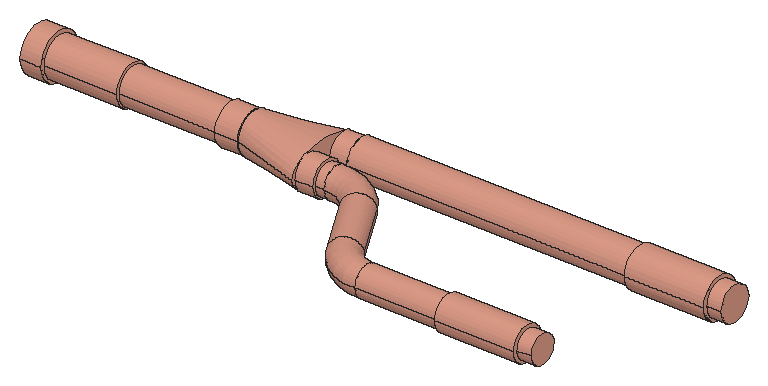
Revit family "outputfile", category 配管付属品, Revit 2024
Family settings
  丸型コネクタ寸法 = 半径を使用
  パーツ タイプ = 標準
  OmniClass 番号 = 23.65.55.00
  OmniClass タイトル = Distribution of Supplied Liquids/Gases
  作業面ベース = いいえ
  常に垂直 = はい
  ロード時にボイドで切り取り = いいえ
  共有 = いいえ
Parameters (values of type "BHRP25A33T")
  Description = ""
  製造元 = "Daikin"
  書き出し IFC クラス(タイプ) = "IfcPipeFittingType"
  定義済み IFC タイプ(タイプ) = "JUNCTION"
  Cost = 0
  Type Comments = ""
  Keynote = ""
  Type Image = (empty or 0)
  Assembly Code = ""
  mm⇔inch [instance] = yes
  l_dividePipe1 [instance] = size_lookup(table_StraightPipe, "l_dividePipe1", 10.0 mm, モデル)  # 10.0 mm
  Default Elevation = 0.0 mm
  モデル = "BHRP25A33T"
  table_StraightPipe [instance] = if(mm⇔inch, "Refnet Joint_BHRP25A-T_Gas_StraightPipe", "Refnet Joint_BHRP25A-T_Gas_StraightPipe_inch")  # "Refnet Joint_BHRP25A-T_Gas_StraightPipe"
  table_BranchPipe [instance] = if(mm⇔inch, "Refnet Joint_BHRP25A-T_Gas_BranchPipe", "Refnet Joint_BHRP25A-T_Gas_BranchPipe_inch")  # "Refnet Joint_BHRP25A-T_Gas_BranchPipe"
  table_Inlet [instance] = if(mm⇔inch, "Refnet Joint_BHRP25A-T_Gas_Inlet", "Refnet Joint_BHRP25A-T_Gas_Inlet_inch")  # "Refnet Joint_BHRP25A-T_Gas_Inlet"
  switch_StraightPipe_Reducer [instance] = if(Is_StraightPipe Reducer = 1, 1 = 1, 1 = 0)  # no
  switch_StraightPipe3 [instance] = if(number_StraightPipe = 3, 1 = 1, 1 = 0)  # no
  switch_StraightPipe2 [instance] = if(number_StraightPipe < 2, 1 = 0, 1 = 1)  # yes
  switch_BranchPipe_Reducer [instance] = if(Is_BranchPipe Reducer = 1, 1 = 1, 1 = 0)  # no
  switch_BranchPipe3 [instance] = if(number_BranchPipe = 3, 1 = 1, 1 = 0)  # no
  switch_BranchPipe2 [instance] = if(number_BranchPipe < 2, 1 = 0, 1 = 1)  # yes
  switch_Inlet pipe_Reducer [instance] = if(Is_Inlet Reducer = 1, 1 = 1, 1 = 0)  # no
  switch_Inlet pipe3 [instance] = if(number_InletPipe = 3, 1 = 1, 1 = 0)  # no
  switch_Inlet pipe2 [instance] = if(number_InletPipe < 2, 1 = 0, 1 = 1)  # yes
  Uniclass2015Version = "Products v1.31"
  Uniclass2015Title = "Copper pipe fittings"
  Uniclass2015Code = "Pr_65_52_63_18"
  URL = ""
  StraightPipe_Gas_ActualDiameter [instance] = 15.9 mm
  Material_Piping = DAIKIN_Copper_Pipe
  Material_Insulation = DAIKIN_White_Insulation
  lw_Insulation [instance] = size_lookup(table_Inlet, "lw_Insulation", 57.8 mm, モデル)  # 57.6 mm
  Unit Type = "BHRP25A-T_Gas"
  Tag No. [instance] = ""
  StraightPipe_Gas_Status [instance] = size_lookup(table_StraightPipe, "Information", "The connected pipe size is not available.", モデル, StraightPipe_Gas_ActualDiameter)  # "Default connector size is used."
  Link_Nested Family [instance] = ""
  Inlet_Gas_Actual Diameter [instance] = 22.2 mm
  IfcVersion = ""
  IfcExportType = "JUNCTION"
  IfcExportAs = "IfcPipeFittingType"
  BranchPipe_Gas_Status [instance] = size_lookup(table_BranchPipe, "Information", "The connected pipe size is not available.", モデル, BranchPipe_Gas_ActualDiameter)  # "Default connector size is used."
  Inlet_Gas_Status [instance] = size_lookup(table_Inlet, "Information", "The connected pipe size is not available.", モデル, Inlet_Gas_Actual Diameter)  # "Default connector size is used."
  Series = "Refnet Joint"
  O.R_dividePipe_Inlet [instance] = (I.D_InletPipe1 + 2.0 mm) / 2  # 10.55 mm
  r_StraightPipe_Connector [instance] = StraightPipe_Gas_ActualDiameter / 2  # 7.95 mm
  r_BranchPipe_Connector [instance] = BranchPipe_Gas_ActualDiameter / 2  # 6.35 mm
  r_Inlet_Connector [instance] = Inlet_Gas_Actual Diameter / 2  # 11.1 mm
  number_StraightPipe [instance] = size_lookup(table_StraightPipe, "pipeNumber", 2, モデル, StraightPipe_Gas_ActualDiameter)  # 2
  number_BranchPipe [instance] = size_lookup(table_BranchPipe, "pipeNumber", 2, モデル, BranchPipe_Gas_ActualDiameter)  # 2
  number_InletPipe [instance] = size_lookup(table_Inlet, "pipeNumber", 3, モデル, Inlet_Gas_Actual Diameter)  # 2
  r_BranchPipeR [instance] = size_lookup(table_BranchPipe, "r_offsetPipeR", 25.0 mm, モデル, BranchPipe_Gas_ActualDiameter)  # 25.0 mm
  l_BranchPipe_Straight2 [instance] = size_lookup(table_BranchPipe, "L_offsetPipe2", 43.0 mm, モデル)  # 43.0 mm
  l_BranchPipe_Straight1 [instance] = size_lookup(table_BranchPipe, "L_offsetPipe1", 5.0 mm, モデル)  # 5.0 mm
  l_BranchPipe connector [instance] = size_lookup(table_BranchPipe, "Length", 170.0 mm, モデル, BranchPipe_Gas_ActualDiameter)  # 170.0 mm
  l_inlet connector [instance] = size_lookup(table_Inlet, "Length", 130.0 mm, モデル, Inlet_Gas_Actual Diameter)  # 114.0 mm
  l_dividePipe [instance] = size_lookup(table_Inlet, "L_devidePipe", 38.0 mm, モデル)  # 38.0 mm
  l_StraightPipeReducer [instance] = size_lookup(table_StraightPipe, "L_Reducer", 80.0 mm, モデル, StraightPipe_Gas_ActualDiameter)  # 100.0 mm
  l_StraightPipe3 [instance] = size_lookup(table_StraightPipe, "L_Pipe3", 2.0 mm, モデル)  # 2.0 mm
  l_StraightPipe2 [instance] = size_lookup(table_StraightPipe, "L_Pipe2", 8.0 mm, モデル)  # 8.0 mm
  l_StraightPipe1 [instance] = size_lookup(table_StraightPipe, "L_Pipe1", 42.0 mm, モデル)  # 42.0 mm
  l_StraightPipe0 [instance] = size_lookup(table_StraightPipe, "L_Pipe0", 152.0 mm, モデル)  # 148.0 mm
  l_StraightPipe connector [instance] = size_lookup(table_StraightPipe, "Length", 212.0 mm, モデル, StraightPipe_Gas_ActualDiameter)  # 208.0 mm
  l_BranchPipe Reducer [instance] = size_lookup(table_BranchPipe, "L_Reducer", 80.0 mm, モデル, BranchPipe_Gas_ActualDiameter)  # 80.0 mm
  l_BranchPipe3 [instance] = size_lookup(table_BranchPipe, "L_Pipe3", 2.0 mm, モデル)  # 2.0 mm
  l_BranchPipe2 [instance] = size_lookup(table_BranchPipe, "L_Pipe2", 8.0 mm, モデル)  # 8.0 mm
  l_BranchPipe1 [instance] = size_lookup(table_BranchPipe, "L_Pipe1", 42.0 mm, モデル)  # 42.0 mm
  l_BranchPipe0 [instance] = size_lookup(table_BranchPipe, "L_Pipe0", 110.0 mm, モデル)  # 110.0 mm
  l_InletReducer [instance] = size_lookup(table_Inlet, "L_Reducer", 100.0 mm, モデル, Inlet_Gas_Actual Diameter)  # 100.0 mm
  l_InletPipe3 [instance] = size_lookup(table_Inlet, "L_Pipe3", 8.0 mm, モデル)  # 2.0 mm
  l_InletPipe2 [instance] = size_lookup(table_Inlet, "L_Pipe2", 42.0 mm, モデル)  # 11.0 mm
  l_InletPipe1 [instance] = size_lookup(table_Inlet, "L_Pipe1", 40.0 mm, モデル)  # 39.0 mm
  l_InletPipe0 [instance] = size_lookup(table_Inlet, "L_Pipe0", 28.0 mm, モデル)  # 52.0 mm
  center_StraightPipe [instance] = size_lookup(table_StraightPipe, "center_Pipe", 11.5 mm, モデル)  # 11.5 mm
  center_BranchPipe2 [instance] = size_lookup(table_BranchPipe, "center_OffsetPipe", 68.5 mm, モデル)  # 68.5 mm
  center_BranchPipe1 [instance] = size_lookup(table_BranchPipe, "center_Pipe", 11.5 mm, モデル)  # 11.5 mm
  StraightPipe_Gas_AvailableDiameter [instance] = size_lookup(table_StraightPipe, "sizeVariation", "", モデル)  # "15.9/19.1/22.2mm"
  BranchPipe_Gas_AvailableDiameter [instance] = size_lookup(table_BranchPipe, "sizeVariation", "", モデル)  # "12.7/15.9/19.1mm"
  Inlet_Gas_Available Diameter [instance] = size_lookup(table_Inlet, "sizeVariation", "", モデル)  # "19.1/22.2mm"
  O.D_StraightPipe Reducer [instance] = size_lookup(table_StraightPipe, "O.D_reducer", 2.0 mm, モデル, StraightPipe_Gas_ActualDiameter)  # 2.0 mm
  O.D_Offset Outlet Reducer [instance] = size_lookup(table_BranchPipe, "O.D_reducer", 2.0 mm, モデル, BranchPipe_Gas_ActualDiameter)  # 2.0 mm
  O.D_Inlet Reducer [instance] = size_lookup(table_Inlet, "O.D_reducer", 2.0 mm, モデル, Inlet_Gas_Actual Diameter)  # 2.0 mm
  Is_StraightPipe Reducer [instance] = size_lookup(table_StraightPipe, "IsReducer", 0, モデル, StraightPipe_Gas_ActualDiameter)  # 0
  Is_BranchPipe Reducer [instance] = size_lookup(table_BranchPipe, "IsReducer", 0, モデル, BranchPipe_Gas_ActualDiameter)  # 0
  Is_Inlet Reducer [instance] = size_lookup(table_Inlet, "IsReducer", 0, モデル, Inlet_Gas_Actual Diameter)  # 0
  BranchPipe_Gas_ActualDiameter [instance] = 12.7 mm
  Attach_Insulation [instance] = no
  I.D_StraightPipe3 [instance] = size_lookup(table_StraightPipe, "I.D_PipeSize3", 2.0 mm, モデル)  # 2.0 mm
  I.D_StraightPipe2 [instance] = size_lookup(table_StraightPipe, "I.D_PipeSize2", 12.7 mm, モデル)  # 15.9 mm
  I.D_StraightPipe1 [instance] = size_lookup(table_StraightPipe, "I.D_PipeSize1", 15.9 mm, モデル)  # 19.1 mm
  I.D_StraightPipe0 [instance] = size_lookup(table_StraightPipe, "I.D_PipeSize0", 13.9 mm, モデル)  # 17.1 mm
  I.D_BranchPipe3 [instance] = size_lookup(table_BranchPipe, "I.D_PipeSize3", 2.0 mm, モデル)  # 2.0 mm
  I.D_BranchPipe2 [instance] = size_lookup(table_BranchPipe, "I.D_PipeSize2", 12.7 mm, モデル)  # 12.7 mm
  I.D_BranchPipe1 [instance] = size_lookup(table_BranchPipe, "I.D_PipeSize1", 15.9 mm, モデル)  # 15.9 mm
  I.D_BranchPipe0 [instance] = size_lookup(table_BranchPipe, "I.D_PipeSize0", 13.9 mm, モデル)  # 13.9 mm
  I.D_Straight Reducer [instance] = size_lookup(table_StraightPipe, "I.D_reducer", 2.0 mm, モデル, StraightPipe_Gas_ActualDiameter)  # 2.0 mm
  I.D_OutletPipe [instance] = size_lookup(table_Inlet, "I.D_OutletPipeSize", 16.0 mm, モデル, Inlet_Gas_Actual Diameter)  # 16.0 mm
  I.D_Branch Reducer [instance] = size_lookup(table_BranchPipe, "I.D_reducer", 2.0 mm, モデル, BranchPipe_Gas_ActualDiameter)  # 2.0 mm
  I.D_Inlet Reducer [instance] = size_lookup(table_Inlet, "I.D_reducer", 2.0 mm, モデル, Inlet_Gas_Actual Diameter)  # 2.0 mm
  I.D_InletPipe3 [instance] = size_lookup(table_Inlet, "I.D_PipeSize3", 12.7 mm, モデル)  # 2.0 mm
  I.D_InletPipe2 [instance] = size_lookup(table_Inlet, "I.D_PipeSize2", 15.9 mm, モデル)  # 22.2 mm
  I.D_InletPipe1 [instance] = size_lookup(table_Inlet, "I.D_PipeSize1", 19.1 mm, モデル)  # 19.1 mm
  I.D_InletPipe0 [instance] = size_lookup(table_Inlet, "I.D_PipeSize0", 17.1 mm, モデル)  # 17.1 mm
Reference planes
  plane 1 "Center (Front/Back)": y = 0
  plane 2: z = 0
  plane 3 "base_left": x = 0
  plane 4: x = 2
  plane 5: x = 13
  plane 6: x = 52
  plane 7: x = 104
  plane 8: x = 116
  plane 9: x = 154
  plane 10: x = 164
  plane 11 "center_straight outlet": y = 11.5
  plane 12 "center2_offset outlet": y = -68.5
  plane 13 "center1_offset outlet": y = -11.5
  plane 14: x = 312
  plane 15: x = 354
  plane 16: x = 362
  plane 17: x = 274
  plane 18: x = 316
  plane 19: x = 324
  plane 20: x = 364
  plane 21: x = 326
  plane 22 "Reducer_straightoutlet": x = 324
  plane 23: x = 362
  plane 24: y = -22.05
  plane 25: z = 10.55
  plane 26 "Inlet_connector": x = 2
  plane 27 "Left_Insulation": x = 58.4
Forms (mm)
  SweptBlend 1, solid, material "DAIKIN_Copper_Pipe" <- "Material_Piping"
    path origin (0, 0, 0) x (1, 0, 0) y (0, 1, 0)
      loop
        line (116, 0) -> (154, 0)
    profile origin (116, 0, 0) x (0, 1, 0) y (0, 0, 1)
      loop
        circle (0, 0) r 10.55
    end profile origin (154, 0, 0) x (0, 1, 0) y (0, 0, 1)
      loop
        spline (-22.05, 0) -> (-21.299, -2.731) -> (-19.096, -5.275) -> (-15.592, -7.46) -> (-11.025, -9.137) -> (-5.707, -10.191) -> (0, -10.55) -> (5.707, -10.191) -> (11.025, -9.137) -> (15.592, -7.46) -> (19.096, -5.275) -> (21.299, -2.731) -> (22.05, 0)
        spline (22.05, 0) -> (21.299, 2.731) -> (19.096, 5.275) -> (15.592, 7.46) -> (11.025, 9.137) -> (5.707, 10.191) -> (0, 10.55) -> (-5.707, 10.191) -> (-11.025, 9.137) -> (-15.592, 7.46) -> (-19.096, 5.275) -> (-21.299, 2.731) -> (-22.05, 0)
Dimensions and locks
  "l_InletPipe3": plane 3 "base_left" to plane 4
  "l_InletPipe2": plane 4 to plane 5
  "l_InletPipe1": plane 5 to plane 6
  "l_InletPipe0": plane 6 to plane 7
  locked: plane 7 to plane 8 at 12
  "center_StraightPipe": plane 1 "Center (Front/Back)" to plane 11 "center_straight outlet"
  "center_BranchPipe2": plane 12 "center2_offset outlet" to plane 1 "Center (Front/Back)"
  "center_BranchPipe1": plane 13 "center1_offset outlet" to plane 1 "Center (Front/Back)"
  "l_dividePipe": plane 8 to plane 9
  "l_dividePipe1": plane 9 to plane 10
  "l_StraightPipe0": plane 10 to plane 14
  "l_BranchPipe0": plane 10 to plane 17
  "l_BranchPipe1": plane 17 to plane 18
  "l_BranchPipe2": plane 18 to plane 19
  "l_StraightPipe1": plane 14 to plane 15
  "l_StraightPipe2": plane 15 to plane 16
  "l_StraightPipe3": plane 16 to plane 20
  "l_BranchPipe3": plane 19 to plane 21
  "l_BranchPipe connector": plane 9 to plane 22 "Reducer_straightoutlet"
  "l_StraightPipe connector": plane 9 to plane 23
  "O.R_dividePipe_Inlet": plane 24 to plane 13 "center1_offset outlet"
  "O.R_dividePipe_Inlet": plane 25 to plane 2
  "l_inlet connector": plane 26 "Inlet_connector" to plane 8
  "lw_Insulation": plane 27 "Left_Insulation" to plane 8
  "O.R_dividePipe_Inlet": radius of SweptBlend 1 sketch curve
  aligned and locked: level to plane 2
  aligned and locked: plane 2 to nested 1
  aligned and locked: plane 3 "base_left" to nested 1
  aligned and locked: plane 1 "Center (Front/Back)" to nested 1
  aligned and locked: plane 4 to nested 2
  aligned and locked: plane 1 "Center (Front/Back)" to nested 2
  aligned and locked: plane 5 to nested 2
  aligned and locked: plane 5 to nested 3
  aligned and locked: plane 6 to nested 3
  aligned and locked: plane 6 to nested 4
  aligned and locked: nested 4 to plane 7
  aligned and locked: nested 5 to plane 7
  aligned and locked: nested 5 to plane 8
  aligned and locked: plane 8 to SweptBlend 1 sketch curve
  aligned and locked: plane 9 to SweptBlend 1 sketch curve
  aligned and locked: plane 2 to SweptBlend 1 sketch curve  (x2)
  aligned and locked: plane 1 "Center (Front/Back)" to SweptBlend 1 sketch curve  (x2)
  aligned and locked: nested 6 to plane 9
  aligned and locked: nested 7 to plane 9
  aligned and locked: nested 6 to plane 11 "center_straight outlet"
  aligned and locked: nested 7 to plane 13 "center1_offset outlet"
  aligned and locked: nested 7 to plane 10
  aligned and locked: nested 6 to plane 10
  aligned and locked: nested 8 to plane 10
  aligned and locked: plane 14 to nested 8
  aligned and locked: nested 8 to plane 11 "center_straight outlet"
  aligned and locked: plane 14 to nested 9
  aligned and locked: nested 9 to plane 11 "center_straight outlet"
  aligned and locked: plane 15 to nested 9
  aligned and locked: nested 10 to plane 11 "center_straight outlet"
  aligned and locked: plane 15 to nested 10
  aligned and locked: plane 16 to nested 10
  aligned and locked: nested 11 to plane 12 "center2_offset outlet"
  aligned and locked: plane 17 to nested 11
  aligned and locked: plane 18 to nested 11
  aligned and locked: nested 12 to plane 12 "center2_offset outlet"
  aligned and locked: plane 18 to nested 12
  aligned and locked: plane 19 to nested 12
  aligned and locked: nested 13 to plane 10
  aligned and locked: nested 13 to plane 13 "center1_offset outlet"
  aligned and locked: nested 13 to plane 12 "center2_offset outlet"
  aligned and locked: plane 8 to nested 14
  aligned and locked: plane 1 "Center (Front/Back)" to nested 14
  aligned and locked: plane 11 "center_straight outlet" to nested 15
  aligned and locked: nested 15 to plane 9
  aligned and locked: nested 16 to plane 9
  aligned and locked: plane 12 "center2_offset outlet" to nested 16
  aligned and locked: nested 17 to plane 1 "Center (Front/Back)"
  aligned and locked: plane 16 to nested 18
  aligned and locked: plane 20 to nested 18
  aligned and locked: plane 19 to nested 19
  aligned and locked: plane 21 to nested 19
  aligned and locked: nested 20 to plane 12 "center2_offset outlet"
  aligned and locked: plane 23 to nested 21
  aligned and locked: nested 21 to plane 11 "center_straight outlet"
  aligned and locked: plane 4 to nested 1
  aligned and locked: plane 24 to SweptBlend 1 sketch curve
  aligned and locked: plane 25 to SweptBlend 1 sketch curve
  aligned and locked: nested 19 to plane 12 "center2_offset outlet"
  aligned and locked: nested 18 to plane 11 "center_straight outlet"
  aligned and locked: nested 17 to plane 26 "Inlet_connector"
  aligned and locked: plane 22 "Reducer_straightoutlet" to nested 20
  aligned and locked: plane 27 "Left_Insulation" to nested 22
  aligned and locked: plane 1 "Center (Front/Back)" to nested 22
Automatic sketch dimensions
  plane 1 "Center (Front/Back)" to SweptBlend 1 sketch curve = 0.0 mm
Nested families
  nested 1: "daikin_Pipe" at (1, 0, 0), I.D_Pipe <- "I.D_InletPipe3", display <- "switch_Inlet pipe3", type "*"
    with length_Pipe 2.0 mm, display no, O.D_Pipe 4.0 mm, I.D_Pipe 2.0 mm
  nested 2: "daikin_Pipe" at (7.5, 0, 0), I.D_Pipe <- "I.D_InletPipe2", display <- "switch_Inlet pipe2", type "*"
    with length_Pipe 11.0 mm, display yes, O.D_Pipe 24.2 mm, I.D_Pipe 22.2 mm
  nested 3: "daikin_Pipe" at (32.5, 0, 0), I.D_Pipe <- "I.D_InletPipe1", type "*"
    with length_Pipe 39.0 mm, display yes, O.D_Pipe 21.1 mm, I.D_Pipe 19.1 mm
  nested 4: "daikin_Pipe" at (78, 0, 0), I.D_Pipe <- "I.D_InletPipe0", type "*"
    with length_Pipe 52.0 mm, display yes, O.D_Pipe 19.1 mm, I.D_Pipe 17.1 mm
  nested 5: "daikin_Pipe" at (110, 0, 0), I.D_Pipe <- "I.D_InletPipe1", type "*"
    with length_Pipe 12.0 mm, display yes, O.D_Pipe 21.1 mm, I.D_Pipe 19.1 mm
  nested 6: "daikin_Pipe" at (159, 11.5, 0), I.D_Pipe <- "I.D_OutletPipe", type "*"
    with length_Pipe 10.0 mm, display yes, O.D_Pipe 18.0 mm, I.D_Pipe 16.0 mm
  nested 7: "daikin_Pipe" at (159, -11.5, 0), I.D_Pipe <- "I.D_OutletPipe", type "*"
    with length_Pipe 10.0 mm, display yes, O.D_Pipe 18.0 mm, I.D_Pipe 16.0 mm
  nested 8: "daikin_Pipe" at (238, 11.5, 0), I.D_Pipe <- "I.D_StraightPipe0", type "*"
    with length_Pipe 148.0 mm, display yes, O.D_Pipe 19.1 mm, I.D_Pipe 17.1 mm
  nested 9: "daikin_Pipe" at (333, 11.5, 0), I.D_Pipe <- "I.D_StraightPipe1", type "*"
    with length_Pipe 42.0 mm, display yes, O.D_Pipe 21.1 mm, I.D_Pipe 19.1 mm
  nested 10: "daikin_Pipe" at (358, 11.5, 0), I.D_Pipe <- "I.D_StraightPipe2", display <- "switch_StraightPipe2", type "*"
    with length_Pipe 8.0 mm, display yes, O.D_Pipe 17.9 mm, I.D_Pipe 15.9 mm
  nested 11: "daikin_Pipe" at (295, -68.5, 0), I.D_Pipe <- "I.D_BranchPipe1", type "*"
    with length_Pipe 42.0 mm, display yes, O.D_Pipe 17.9 mm, I.D_Pipe 15.9 mm
  nested 12: "daikin_Pipe" at (320, -68.5, 0), I.D_Pipe <- "I.D_BranchPipe2", display <- "switch_BranchPipe2", type "*"
    with length_Pipe 8.0 mm, display yes, O.D_Pipe 14.7 mm, I.D_Pipe 12.7 mm
  nested 13: "daikin_Pipe Ofsset" at (164, -11.5, 0), I.D_Pipe size <- "I.D_BranchPipe0", length_straight pipe1 <- "l_BranchPipe_Straight1", length_straight pipe2 <- "l_BranchPipe_Straight2", r_Pipe R <- "r_BranchPipeR", length_Pipe <- "l_BranchPipe0", type "*"
    with r_Pipe R 25.0 mm, length_straight pipe2 43.0 mm, length_straight pipe1 5.0 mm, length_offset center 57.0 mm, length_Pipe 110.0 mm, O.D_Pipe size 15.9 mm, I.D_Pipe size 13.9 mm
  nested 14: "daikin_connector_rotate2" at (116, 0, 0) x (0, -1, 0) z (0, 0, 1), length <- "l_inlet connector", type "daikin_connector_rotate2"
    with radius 5.0 mm, length 114.0 mm, angle_vertical 90.00°, locaton_mark no
  nested 15: "daikin_connector_rotate2" at (154, 11.5, 0) x (0, 1, 0) z (0, 0, 1), length <- "l_StraightPipe connector", type "daikin_connector_rotate2"
    with radius 5.0 mm, length 208.0 mm, angle_vertical 90.00°, locaton_mark no
  nested 16: "daikin_connector_rotate2" at (154, -68.5, 0) x (0, 1, 0) z (0, 0, 1), length <- "l_BranchPipe connector", type "daikin_connector_rotate2"
    with radius 5.0 mm, length 170.0 mm, angle_vertical 90.00°, locaton_mark no
  nested 17: "daikin_Pipe_reducer" at (52, 0, 0) x (-1, 0, 0) z (0, 0, 1), display <- "switch_Inlet pipe_Reducer", length_Pipe <- "l_InletReducer", I.D_Pipe1 <- "I.D_Inlet Reducer", O.D_Pipe2 <- "O.D_Inlet Reducer", type "*"
    with length_Pipe 100.0 mm, display no, O.D_Pipe2 2.0 mm, O.D_Pipe1 4.0 mm, I.D_Pipe2 0.0 mm, I.D_Pipe1 2.0 mm
  nested 18: "daikin_Pipe" at (363, 11.5, 0), I.D_Pipe <- "I.D_StraightPipe3", display <- "switch_StraightPipe3", type "*"
    with length_Pipe 2.0 mm, display no, O.D_Pipe 4.0 mm, I.D_Pipe 2.0 mm
  nested 19: "daikin_Pipe" at (325, -68.5, 0), I.D_Pipe <- "I.D_BranchPipe3", display <- "switch_BranchPipe3", type "*"
    with length_Pipe 2.0 mm, display no, O.D_Pipe 4.0 mm, I.D_Pipe 2.0 mm
  nested 20: "daikin_Pipe_reducer" at (284, -68.5, 0), I.D_Pipe1 <- "I.D_Branch Reducer", O.D_Pipe2 <- "O.D_Offset Outlet Reducer", length_Pipe <- "l_BranchPipe Reducer", display <- "switch_BranchPipe_Reducer", type "*"
    with length_Pipe 80.0 mm, display no, O.D_Pipe2 2.0 mm, O.D_Pipe1 4.0 mm, I.D_Pipe2 0.0 mm, I.D_Pipe1 2.0 mm
  nested 21: "daikin_Pipe_reducer" at (312, 11.5, 0), I.D_Pipe1 <- "I.D_Straight Reducer", O.D_Pipe2 <- "O.D_StraightPipe Reducer", length_Pipe <- "l_StraightPipeReducer", display <- "switch_StraightPipe_Reducer", type "*"
    with length_Pipe 100.0 mm, display no, O.D_Pipe2 2.0 mm, O.D_Pipe1 4.0 mm, I.D_Pipe2 0.0 mm, I.D_Pipe1 2.0 mm
  nested 22: "daikin_Insulation_RefnetJoint" at (58.4, 0, 0), I.D_Outlet PipeSize <- "I.D_OutletPipe", type "*"
    with h 48.0 mm, I.D_Outlet PipeSize 16.0 mm, h_Insulation 203.2 mm, d_Insulation3_3 69.5 mm, d_Insulation2_2 39.5 mm, d_Insulation1_1 27.5 mm, w_Insulation4 65.6 mm, w_Insulation3 38.9 mm, w_Insulation2 75.0 mm, w_Insulation1 35.0 mm, d_Insulation2 39.5 mm, d_Insulation1 27.5 mm
Connectors
  piping at (2, 0, 0), diameter 22.2, driven by "r_Inlet_Connector"
    settings: on nested 14, index 1, connector inside diameter 609.6 mm, connector length 0.0 mm, flow factor 0, pipe flow 0.00 m³/h, pressure drop 0.0 Pa, fitting loss kfactor 0, connector angle 0.00°, fixture units 0, engagement length 0.0 mm, angle of deflection 0.00°, flow configuration 0, flow direction 2, fitting loss method 0, system type 29, joint type 0, gender type 0, connector reference index -1, connector utility 0, adjustable connector no, is connector primary yes, connector description "Refnet Joint_Inlet_Gas"
  piping at (324, -68.5, 0), diameter 12.7, driven by "r_BranchPipe_Connector"
    settings: on nested 16, index 2, connector inside diameter 609.6 mm, connector length 0.0 mm, flow factor 0, pipe flow 0.00 m³/h, pressure drop 0.0 Pa, fitting loss kfactor 0, connector angle 0.00°, fixture units 0, engagement length 0.0 mm, angle of deflection 0.00°, flow configuration 0, flow direction 1, fitting loss method 0, system type 29, joint type 0, gender type 0, connector reference index -1, connector utility 0, adjustable connector no, is connector primary no, connector description "Refnet Joint_Outlet Branch_Gas"
  piping at (362, 11.5, 0), diameter 15.9, driven by "r_StraightPipe_Connector"
    settings: on nested 15, index 3, connector inside diameter 609.6 mm, connector length 0.0 mm, flow factor 0, pipe flow 0.00 m³/h, pressure drop 0.0 Pa, fitting loss kfactor 0, connector angle 0.00°, fixture units 0, engagement length 0.0 mm, angle of deflection 0.00°, flow configuration 0, flow direction 1, fitting loss method 0, system type 29, joint type 0, gender type 0, connector reference index -1, connector utility 0, adjustable connector no, is connector primary no, connector description "Refnet Joint_Outlet Straight_Gas"
Definition of nested family "daikin_Pipe"
  Parameters (values of type "*")
    Default Elevation = 0.0 mm
    material = none
    length_Pipe [instance] = 150.0 mm
    display [instance] = yes
    O.D_Pipe [instance] = I.D_Pipe + 2.0 mm  # 27.0 mm
    I.D_Pipe [instance] = 25.0 mm
  Reference planes
    plane 1 "Center (Front/Back)": y = 0
    plane 2 "center(vertical)": z = 0
    plane 3 "Center (Left/Right)": x = 0
    plane 4 "left": x = -75
    plane 5 "right": x = 75
  Forms (mm)
    Extrusion 1, solid, material <- "material", visible <- "display"
      sketch origin (0, 0, 0) x (0, 1, 0) y (0, 0, 1)
        loop
          circle (0, 0) r 13.5
      from -75 to 75
  Dimensions and locks
    equal spacing: plane 4 "left", plane 3 "Center (Left/Right)", plane 5 "right"
    "length_Pipe": plane 4 "left" to plane 5 "right"
    "O.D_Pipe": diameter of Extrusion 1 sketch curve
    aligned and locked: level to plane 2 "center(vertical)"
    aligned and locked: plane 2 "center(vertical)" to Extrusion 1 sketch curve
    aligned and locked: plane 1 "Center (Front/Back)" to Extrusion 1 sketch curve
    aligned and locked: plane 5 "right" to Extrusion 1
    aligned and locked: Extrusion 1 to plane 4 "left"
Definition of nested family "daikin_Pipe Ofsset"
  Parameters (values of type "*")
    Default Elevation = 0.0 mm
    r_Pipe R [instance] = 40.0 mm
    material = none
    length_straight pipe2 [instance] = 43.0 mm
    length_straight pipe1 [instance] = 5.0 mm
    length_offset center [instance] = 57.0 mm
    length_Pipe [instance] = 110.0 mm
    O.D_Pipe size [instance] = I.D_Pipe size + 2.0 mm  # 12.0 mm
    I.D_Pipe size [instance] = 10.0 mm
  Reference planes
    plane 1 "Center (Front/Back)": y = 0
    plane 2: z = 0
    plane 3 "Center (Left/Right)": x = 0
    plane 4: y = -57
    plane 5: x = 110
    plane 6: x = 67
    plane 7: x = 5
  Forms (mm)
    Sweep 1, solid, material <- "material"
      path origin (0, 0, 0) x (1, 0, 0) y (0, 1, 0)
        loop
          line (0, 0) -> (5, 0)
          arc (5, 0) -> (20.74, -3.227) -> (33.94, -12.387) r 40
          line (33.94, -12.387) -> (38.06, -44.613)
          arc (38.06, -44.613) -> (51.26, -53.773) -> (67, -57) r 40
          line (67, -57) -> (110, -57)
      profile origin (2.5, 0, 0) x (0, 1, 0) y (0, 0, 1)
        loop
          circle (0, 0) r 6
  Dimensions and locks
    "length_offset center": plane 4 to plane 1 "Center (Front/Back)"
    "length_straight pipe1": plane 3 "Center (Left/Right)" to plane 7
    "length_Pipe": plane 3 "Center (Left/Right)" to plane 5
    "length_straight pipe2": plane 6 to plane 5
    "O.D_Pipe size": diameter of Sweep 1 sketch curve
    "r_Pipe R": radius of Sweep 1 sketch curve  (x2)
    aligned and locked: level to plane 2
    aligned and locked: plane 1 "Center (Front/Back)" to Sweep 1 sketch curve
    aligned and locked: profile plane to Sweep 1 sketch curve
    aligned and locked: plane 5 to Sweep 1 sketch curve
    aligned and locked: plane 7 to Sweep 1 sketch curve
    aligned and locked: plane 6 to Sweep 1 sketch curve
  Automatic sketch dimensions
    plane 1 "Center (Front/Back)" to Sweep 1 sketch curve = 0.0 mm
    Sweep 1 sketch curve to plane 3 "Center (Left/Right)" = 0.0 mm
    plane 4 to Sweep 1 sketch curve = 0.0 mm
    plane 1 "Center (Front/Back)" to Sweep 1 sketch curve = 12.387 mm
    Sweep 1 sketch curve to plane 4 = 12.387 mm
Definition of nested family "daikin_connector_rotate2"
  Parameters (values of type "daikin_connector_rotate2")
    show_face = no
    radius [instance] = 10.0 mm
    locaton_mark = yes
    length [instance] = 600.0 mm
    d_surface = 10.0 mm
    angle_vertical [instance] = 90.00°
    Default Elevation = 0.0 mm
  Reference planes
    plane 1 "Center (Front/Back)": y = 0
    plane 2: z = 0
    plane 3 "Center (Left/Right)": x = 0
  Forms (mm)
    Extrusion 1, solid, visible <- "show_face"
      sketch origin (0, -600, 0) x (1, 0, 0) y (0, 0, 1)
        loop
          circle (0, 0) r 10
      from 0 to -10
  Lines and regions (mm)
    reference lines
      curve 1: line (0, 0, 0) -> (0, -600, 0)
    symbolic lines, visible <- "locaton_mark"
      curve 2: circle (0, 0, 0) r 5 normal (0, 0, 1)
    model lines, visible <- "show_face"
      curve 3: line (0, 0, 0) -> (0, -600, 0)
  Dimensions and locks
    "length": curve 1 to curve 1
    "length": curve 3 to curve 3
    "d_surface": Extrusion 1 to Extrusion 1
    "radius": radius of Extrusion 1 sketch curve
    "angle_vertical": angle curve 1 to plane 1 "Center (Front/Back)"
    "angle_vertical": angle curve 3 to plane 1 "Center (Front/Back)"
    aligned and locked: level to plane 2
    aligned and locked: plane 1 "Center (Front/Back)" to curve 1
    aligned and locked: plane 2 to curve 1
    aligned and locked: plane 1 "Center (Front/Back)" to curve 2
    aligned and locked: plane 3 "Center (Left/Right)" to curve 2
    aligned and locked: plane 1 "Center (Front/Back)" to curve 3
    aligned and locked: plane 2 to curve 3
    aligned and locked: Extrusion 1 to Extrusion 1
  Automatic sketch dimensions
    Extrusion 1 sketch curve to level = 0.0 mm
    Extrusion 1 sketch curve to plane 3 "Center (Left/Right)" = 0.0 mm
    radius of curve 2 = 5.0 mm
Definition of nested family "daikin_Pipe_reducer"
  Parameters (values of type "*")
    Default Elevation = 0.0 mm
    material = none
    length_Pipe [instance] = 250.0 mm
    display [instance] = yes
    O.D_Pipe2 [instance] = 19.1 mm
    O.D_Pipe1 [instance] = I.D_Pipe1 + 2.0 mm  # 24.2 mm
    I.D_Pipe2 [instance] = O.D_Pipe2 - 2.0 mm  # 17.1 mm
    I.D_Pipe1 [instance] = 22.2 mm
  Reference planes
    plane 1 "Center (Front/Back)": y = 0
    plane 2 "center(vertical)": z = 0
    plane 3 "Center (Left/Right)": x = 0
    plane 4 "connection": x = -125
    plane 5 "right": x = 113
    plane 6: x = 125
  Forms (mm)
    Extrusion 1, solid, material <- "material", visible <- "display"
      sketch origin (0, 0, 0) x (0, 1, 0) y (0, 0, 1)
        loop
          circle (0, 0) r 9.55
      from -125 to 113
    Extrusion 2, solid, material <- "material", visible <- "display"
      sketch origin (0, 0, 0) x (0, 1, 0) y (0, 0, 1)
        loop
          circle (0, 0) r 12.1
      from 113 to 125
  Dimensions and locks
    locked: plane 5 "right" to plane 6 at 12
    "length_Pipe": plane 4 "connection" to plane 6
    equal spacing: plane 4 "connection", plane 3 "Center (Left/Right)", plane 6
    "O.D_Pipe2": diameter of Extrusion 1 sketch curve
    "O.D_Pipe1": diameter of Extrusion 2 sketch curve
    aligned and locked: level to plane 2 "center(vertical)"
    aligned and locked: plane 2 "center(vertical)" to Extrusion 1 sketch curve
    aligned and locked: plane 1 "Center (Front/Back)" to Extrusion 1 sketch curve
    aligned and locked: plane 5 "right" to Extrusion 1
    aligned and locked: Extrusion 1 to plane 4 "connection"
    aligned and locked: plane 2 "center(vertical)" to Extrusion 2 sketch curve
    aligned and locked: plane 1 "Center (Front/Back)" to Extrusion 2 sketch curve
    aligned and locked: Extrusion 2 to plane 5 "right"
    aligned and locked: plane 6 to Extrusion 2
Definition of nested family "daikin_Insulation_RefnetJoint"
  Parameters (values of type "*")
    r_Insulation = size_lookup(table_Insulation, "r_Insulation", 13.5 mm, Model)  # 13.5 mm
    h_Insulation = size_lookup(table_Insulation, "h_Insulation", 203.8 mm, Model)  # 202.5 mm
    d_Insulation3_3 = size_lookup(table_Insulation, "d_Insulation3_3", 68.0 mm, Model)  # 68.0 mm
    d_Insulation2_2 = size_lookup(table_Insulation, "d_Insulation2_2", 38.0 mm, Model)  # 38.0 mm
    d_Insulation1_1 = size_lookup(table_Insulation, "d_Insulation1_1", 26.5 mm, Model)  # 26.5 mm
    Default Elevation = 0.0 mm
    Model = "BHRP25A22T"
    w_Insulation5 = size_lookup(table_Insulation, "w_Insulation5", 212.0 mm, Model)  # 212.0 mm
    w_Insulation4 = size_lookup(table_Insulation, "w_Insulation4", 67.0 mm, Model)  # 67.0 mm
    w_Insulation3 = size_lookup(table_Insulation, "w_Insulation3", 34.7 mm, Model)  # 34.7 mm
    w_Insulation2 = size_lookup(table_Insulation, "w_Insulation2", 80.0 mm, Model)  # 80.0 mm
    w_Insulation1 = size_lookup(table_Insulation, "w_Insulation1", 22.0 mm, Model)  # 22.0 mm
    table_Insulation = "Refnet Joint_BHRP25A-T_Gas_Insulation"  # constant formula
    material = none
    h [instance] = (I.D_Outlet PipeSize + 2.0 mm) + 30.0 mm  # 47.0 mm
    display = no
    d_Insulation3 = size_lookup(table_Insulation, "d_Insulation3", 63.5 mm, Model)  # 63.5 mm
    d_Insulation2 = size_lookup(table_Insulation, "d_Insulation2", 41.0 mm, Model)  # 41.0 mm
    d_Insulation1 = size_lookup(table_Insulation, "d_Insulation1", 29.5 mm, Model)  # 29.5 mm
    I.D_Outlet PipeSize [instance] = 15.0 mm
  Reference planes
    plane 1 "Center (Front/Back)": y = 0
    plane 2: z = 0
    plane 3 "Left": x = 0
    plane 4 "top": z = 23.5
    plane 5 "bottom": z = -23.5
    plane 6: x = 22
    plane 7: x = 80
    plane 8: y = 26.5
    plane 9: y = -29.5
    plane 10: y = 38
    plane 11: y = -41
    plane 12: y = -93.5
    plane 13: x = 212
    plane 14: y = -30
    plane 15: x = 114.7
    plane 16: x = 145
    plane 17: x = 202.5
  Forms (mm)
    Extrusion 1, solid, material <- "material", visible <- "display"
      sketch origin (0, 0, 0) x (1, 0, 0) y (0, 1, 0)
        loop
          line (22, 26.5) -> (0, 26.5) -> (0, -29.5) -> (22, -29.5) -> (80, -41) -> (114.7, -41) -> (145, -93.5) -> (212, -93.5) -> (212, -43.5) -> (202.5, -43.5)
          arc (202.5, -43.5) -> (189, -30) -> (202.5, -16.5) r 13.5
          line (202.5, -16.5) -> (212, -16.5) -> (212, 38) -> (80, 38) -> (22, 26.5)
      from -23.5 to 23.5
  Dimensions and locks
    equal spacing: plane 4 "top", plane 2, plane 5 "bottom"
    "h": plane 4 "top" to plane 5 "bottom"
    "w_Insulation1": plane 3 "Left" to plane 6
    "w_Insulation2": plane 3 "Left" to plane 7
    "w_Insulation5": plane 3 "Left" to plane 13
    "w_Insulation3": plane 7 to plane 15
    "w_Insulation4": plane 16 to plane 13
    "d_Insulation1": plane 1 "Center (Front/Back)" to plane 9
    "d_Insulation1_1": plane 8 to plane 1 "Center (Front/Back)"
    "d_Insulation2": plane 1 "Center (Front/Back)" to plane 11
    "d_Insulation2_2": plane 10 to plane 1 "Center (Front/Back)"
    "d_Insulation3_3": plane 10 to plane 14
    "d_Insulation3": plane 14 to plane 12
    "r_Insulation": Extrusion 1 sketch curve to plane 14
    "r_Insulation": plane 14 to Extrusion 1 sketch curve
    "h_Insulation": plane 3 "Left" to plane 17
    "r_Insulation": radius of Extrusion 1 sketch curve
    aligned and locked: level to plane 2
    aligned and locked: Extrusion 1 to plane 5 "bottom"
    aligned and locked: plane 4 "top" to Extrusion 1
    aligned and locked: plane 6 to Extrusion 1  (x2)
    aligned and locked: plane 7 to Extrusion 1  (x2)
    aligned and locked: plane 6 to Extrusion 1 sketch curve
    aligned and locked: plane 11 to Extrusion 1 sketch curve
    aligned and locked: plane 7 to Extrusion 1 sketch curve  (x2)
    aligned and locked: plane 10 to Extrusion 1 sketch curve
    aligned and locked: Extrusion 1 sketch curve to plane 12
    aligned and locked: Extrusion 1 sketch curve to plane 13  (x2)
    aligned and locked: plane 16 to Extrusion 1 sketch curve
    aligned and locked: plane 15 to Extrusion 1 sketch curve
    aligned and locked: plane 17 to Extrusion 1 sketch curve
  Automatic sketch dimensions
    Extrusion 1 sketch curve to plane 3 "Left" = 0.0 mm
    Extrusion 1 sketch curve to plane 6 = 0.0 mm
    Extrusion 1 sketch curve to plane 9 = 0.0 mm
    Extrusion 1 sketch curve to plane 8 = 0.0 mm
